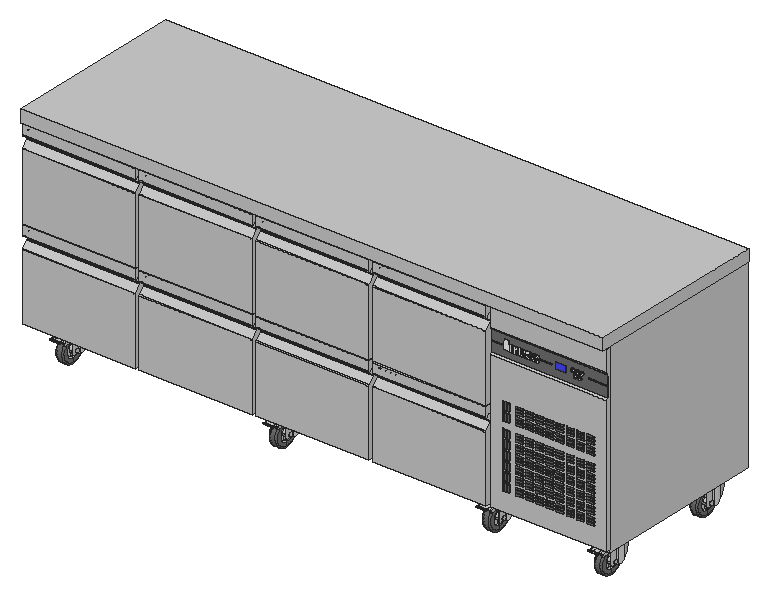
Revit family "QF_INOMAK_PNRP9999_250611031516", category Specialty Equipment, Revit 2021 (continued)
Definition of nested family "QF_INOMAK_REF_COUNTERS_DOORS_DRAWERS_6956"
  Definition of nested family "Hopper"
    Automatic sketch dimensions
      Extrusion 2 sketch curve to plane 5 "Front" = 565 mm
      curve 1 to plane 10 "Left panel" = 0 mm
      curve 2 to plane 11 "Right panel" = 0 mm
      curve 6 to plane 5 "Front" = 0 mm
      curve 5 to plane 5 "Front" = 0 mm
      curve 4 to plane 5 "Front" = 525 mm
      curve 3 to curve 3 = 40 mm
      plane 11 "Right panel" to curve 5 = 30 mm
      curve 6 to plane 10 "Left panel" = 30 mm
Definition of nested family "QF_INOMAK_REF_COUNTERS_DOORS_DRAWERS_16448"
  Parameters (values of type "DR-LX-710")
    Weight [instance] = 0.00 kg
    Warranty Start Date [instance] = ""
    Warranty Duration [instance] = ""
    URL Cutsheet [instance] = ""
    URL = "www.inomak.com"
    Top inset [instance] = 10 mm
    Technical Documentation [instance] = ""
    Tag Number [instance] = ""
    Status [instance] = ""
    Specification by User [instance] = ""
    Specification by Manufacturer [instance] = ""
    Sound Level [instance] = ""
    Solid Fuel Type [instance] = ""
    Show Logo [instance] = yes
    Show Clearances [instance] = yes
    Service Life Duration [instance] = ""
    Serial Number [instance] = ""
    Seismic Rating [instance] = ""
    SMACNA No [instance] = ""
    Right panel thickness [instance] = 0 mm
    Revision Code [instance] = ""
    Revision [instance] = ""
    Rear inset [instance] = 0 mm
    Production Year [instance] = ""
    Point Load [instance] = 0
    Plinth height [instance] = 0 mm
    Other Equipment Approvals [instance] = ""
    NAFEM Spec ID Number [instance] = ""
    Model Warning [instance] = ""
    Model = "DR-LX-710"
    Masterspec [instance] = ""
    Manufacturer = "INOMAK"
    Length Actual [instance] = 435 mm
    Left panel thickness [instance] = 0 mm
    Item Number [instance] = ""
    Installed By [instance] = ""
    Installation Date [instance] = ""
    Identify Quantity as Lot [instance] = yes
    ID [instance] = ""
    Hygiene Approval [instance] = ""
    Height Actual [instance] = 710 mm
    Furnished By [instance] = ""
    Front inset [instance] = 10 mm
    Foodservice Equipment Identifier [instance] = yes
    Finish [instance] = none
    ETL Approved [instance] = yes
    Doors drawers type [instance] = 8
    Description = "LEFT HINGED DOOR"
    Depth Actual [instance] = 700 mm
    Default Elevation = 0 mm
    CSI MasterFormat [instance] = ""
    CE Approved [instance] = yes
    Bottom inset [instance] = 10 mm
    Barcode [instance] = ""
    Author [instance] = ""
    Asset Identifier [instance] = ""
    Assembly Code = "E1090320"
    Accessory [instance] = yes
  Types (9, lengths in mm): name | Model | Height Actual | Doors drawers type | Description
    DW-2-710 | "DW-2-710" | 710 | 4 | "2 X GN 1/2 DRAWERS"
    DR-LX-710 | "DR-LX-710" | 710 | 8 | "LEFT HINGED DOOR"
    DR-RX-710 | "DR-RX-710" | 710 | 9 | "RIGHT HINGED DOOR"
    DW-3-710 | "DW-3-710" | 710 | 6 | "3 X GN 1/3 DRAWERS"
    DW-B-710 | "DW-B-710" | 710 | 5 | "1 X GN 1/3 & 1 X GN 2/3 DRAWERS"
    DW-2-483 | "DW-2-483" | 483 | 4 | "2 X GN 1/3 DRAWERS"
    DR-LX-483 | "DR-LX-483" | 483 | 8 | "LEFT HINGED DOOR"
    DR-RX-483 | "DR-RX-483" | 483 | 9 | "RIGHT HINGED DOOR"
    DW-1-483 | "DW-1-483" | 483 | 10 | "1 X GN 2/3 DRAWER"
  Reference planes
    plane 1 "Front": y = 0
    plane 2: z = 0
    plane 3 "Left": x = 0
    plane 4 "Right": x = 435
    plane 5 "Back": y = 700
    plane 6 "Top": z = 710
    plane 7 "Bottom shelf": z = 0
    plane 8: z = 700
    plane 9: z = 10
    plane 10: x = 0
    plane 11: x = 435
    plane 12 "Center Top Bottom": z = 355
  Lines and regions (mm)
    reference lines
      curve 1: line (0, 0, 355) -> (0, 25, 355)
      curve 2: line (435, 0, 355) -> (435, 25, 355)
      curve 3: line (0, 700, 355) -> (435, 700, 355)
      curve 4: line (0, 0, 355) -> (435, 0, 355)
  Dimensions and locks
    "Length Actual": plane 3 "Left" to plane 4 "Right"
    "Depth Actual": plane 1 "Front" to plane 5 "Back"
    "Height Actual": plane 6 "Top" to plane 7 "Bottom shelf"
    "Plinth height": plane 7 "Bottom shelf" to plane 2
    "Top inset": plane 6 "Top" to plane 8
    "Bottom inset": plane 9 to plane 7 "Bottom shelf"
    "Left panel thickness": plane 3 "Left" to plane 10
    "Right panel thickness": plane 11 to plane 4 "Right"
    equal spacing: plane 6 "Top", plane 12 "Center Top Bottom", plane 7 "Bottom shelf"
    "Length Actual": curve 1 to plane 4 "Right"
    "Length Actual": plane 3 "Left" to curve 2
    "Depth Actual": plane 1 "Front" to curve 3
    "Depth Actual": plane 5 "Back" to curve 4
    aligned and locked: level to plane 2
    aligned and locked: plane 3 "Left" to nested 1
    aligned and locked: plane 3 "Left" to nested 2
    aligned and locked: plane 3 "Left" to nested 3
    aligned and locked: plane 3 "Left" to nested 4
    aligned and locked: plane 3 "Left" to nested 5
    aligned and locked: plane 3 "Left" to nested 6
    aligned and locked: plane 3 "Left" to nested 7
    aligned and locked: plane 3 "Left" to nested 8
    aligned and locked: plane 3 "Left" to nested 9
    aligned and locked: nested 4 to plane 1 "Front"
    aligned and locked: nested 6 to plane 1 "Front"
    aligned and locked: nested 8 to plane 1 "Front"
    aligned and locked: nested 5 to plane 1 "Front"
    aligned and locked: nested 3 to plane 1 "Front"
    aligned and locked: nested 7 to plane 1 "Front"
    aligned and locked: nested 2 to plane 1 "Front"
    aligned and locked: nested 1 to plane 1 "Front"
    aligned and locked: nested 9 to plane 1 "Front"
  Automatic sketch dimensions
    curve 3 to plane 4 "Right" = 0 mm
    curve 3 to plane 3 "Left" = 0 mm
    curve 2 to curve 2 = 25 mm
    curve 1 to curve 1 = 25 mm
  Nested families
    nested 1: "Right_Door" at (0, 700, 0), Depth Actual <- "Depth Actual", Height Actual <- "Height Actual", Length Actual <- "Length Actual", Front inset <- "Front inset", Rear inset <- "Rear inset", Left panel thickness <- "Left panel thickness", Right panel thickness <- "Right panel thickness", Doors drawers type <- "Doors drawers type", Plinth height <- "Plinth height", Top inset <- "Top inset", Bottom inset <- "Bottom inset", type "Right door"
      with Top inset 10 mm, Right panel thickness 0 mm, Right hand hinged door no, Rear inset 0 mm, Plinth height 0 mm, Length Actual 435 mm, Left panel thickness 0 mm, Height Actual 710 mm, Front inset 10 mm, Doors drawers type 8, Depth Actual 700 mm, Bottom inset 10 mm
    nested 2: "Left_Door" at (0, 700, 0), Depth Actual <- "Depth Actual", Height Actual <- "Height Actual", Length Actual <- "Length Actual", Front inset <- "Front inset", Rear inset <- "Rear inset", Left panel thickness <- "Left panel thickness", Right panel thickness <- "Right panel thickness", Doors drawers type <- "Doors drawers type", Plinth height <- "Plinth height", Top inset <- "Top inset", Bottom inset <- "Bottom inset", type "Left door"
      with Top inset 10 mm, Right panel thickness 0 mm, Rear inset 0 mm, Plinth height 0 mm, Length Actual 435 mm, Left panel thickness 0 mm, Left hand hinged door yes, Height Actual 710 mm, Front inset 10 mm, Doors drawers type 8, Depth Actual 700 mm, Bottom inset 10 mm
    nested 3: "3_Drawers_1-3" at (0, 700, 0), Depth Actual <- "Depth Actual", Height Actual <- "Height Actual", Length Actual <- "Length Actual", Front inset <- "Front inset", Rear inset <- "Rear inset", Left panel thickness <- "Left panel thickness", Right panel thickness <- "Right panel thickness", Doors drawers type <- "Doors drawers type", Plinth height <- "Plinth height", Top inset <- "Top inset", Bottom inset <- "Bottom inset", type "3 Drawers 1-3"
      with Top inset 10 mm, Right panel thickness 0 mm, Rear inset 0 mm, Plinth height 0 mm, Length Actual 435 mm, Left panel thickness 0 mm, Height Actual 710 mm, Front inset 10 mm, Doors drawers type 8, Depth Actual 700 mm, Bottom inset 10 mm, 3 Drawers no
    nested 4: "2_Drawers_1-2" at (0, 700, 0), Depth Actual <- "Depth Actual", Height Actual <- "Height Actual", Length Actual <- "Length Actual", Front inset <- "Front inset", Rear inset <- "Rear inset", Left panel thickness <- "Left panel thickness", Right panel thickness <- "Right panel thickness", Doors drawers type <- "Doors drawers type", Plinth height <- "Plinth height", Top inset <- "Top inset", Bottom inset <- "Bottom inset", type "2 Drawers 1-2"
      with Top inset 10 mm, Right panel thickness 0 mm, Rear inset 0 mm, Plinth height 0 mm, Length Actual 435 mm, Left panel thickness 0 mm, Height Actual 710 mm, Front inset 10 mm, Doors drawers type 8, Depth Actual 700 mm, Bottom inset 10 mm, 2 Drawers no
    nested 5: "2_Drawers_1-3_2-3" at (0, 700, 0), Depth Actual <- "Depth Actual", Height Actual <- "Height Actual", Length Actual <- "Length Actual", Front inset <- "Front inset", Rear inset <- "Rear inset", Left panel thickness <- "Left panel thickness", Right panel thickness <- "Right panel thickness", Doors drawers type <- "Doors drawers type", Plinth height <- "Plinth height", Top inset <- "Top inset", Bottom inset <- "Bottom inset", type "2 Drawers 1-3 and 2-3"
      with Top inset 10 mm, Right panel thickness 0 mm, Rear inset 0 mm, Plinth height 0 mm, Length Actual 435 mm, Left panel thickness 0 mm, Height Actual 710 mm, Front inset 10 mm, Doors drawers type 8, Depth Actual 700 mm, Bottom inset 10 mm, 2 Drawers 1-3 and 2-3 no
    nested 6: "Sliding_Doors" at (0, 700, 0), Depth Actual <- "Depth Actual", Height Actual <- "Height Actual", Length Actual <- "Length Actual", Front inset <- "Front inset", Rear inset <- "Rear inset", Left panel thickness <- "Left panel thickness", Right panel thickness <- "Right panel thickness", Doors drawers type <- "Doors drawers type", Plinth height <- "Plinth height", Top inset <- "Top inset", Bottom inset <- "Bottom inset", Finish <- "Finish", type "Sliding doors"
      with Top inset 10 mm, Sliding doors no, Right panel thickness 0 mm, Rear inset 0 mm, Plinth height 0 mm, Length Actual 435 mm, Left panel thickness 0 mm, Height Actual 710 mm, Front inset 10 mm, Finish none, Doors drawers type 8, Depth Actual 700 mm, Bottom inset 10 mm
    nested 7: "4_Drawers_1-4" at (0, 700, 0), Depth Actual <- "Depth Actual", Height Actual <- "Height Actual", Length Actual <- "Length Actual", Front inset <- "Front inset", Rear inset <- "Rear inset", Left panel thickness <- "Left panel thickness", Right panel thickness <- "Right panel thickness", Doors drawers type <- "Doors drawers type", Plinth height <- "Plinth height", Top inset <- "Top inset", Bottom inset <- "Bottom inset", Finish <- "Finish", type "4 Drawers 1-4"
      with Top inset 10 mm, Right panel thickness 0 mm, Rear inset 0 mm, Plinth height 0 mm, Length Actual 435 mm, Left panel thickness 0 mm, Height Actual 710 mm, Front inset 10 mm, Finish none, Doors drawers type 8, Depth Actual 700 mm, Bottom inset 10 mm, 4 Drawers no
    nested 8: "Hinged_Doors" at (0, 700, 0), Length Actual <- "Length Actual", Depth Actual <- "Depth Actual", Height Actual <- "Height Actual", Front inset <- "Front inset", Rear inset <- "Rear inset", Left panel thickness <- "Left panel thickness", Right panel thickness <- "Right panel thickness", Doors drawers type <- "Doors drawers type", Plinth height <- "Plinth height", Top inset <- "Top inset", Bottom inset <- "Bottom inset", Finish <- "Finish", type "Hinged doors"
      with Top inset 10 mm, Right panel thickness 0 mm, Rear inset 0 mm, Plinth height 0 mm, Length Actual 435 mm, Left panel thickness 0 mm, Hinged doors no, Height Actual 710 mm, Front inset 10 mm, Finish none, Doors drawers type 8, Depth Actual 700 mm, Bottom inset 10 mm
    nested 9: "Hopper" at (0, 700, 1.284), Length Actual <- "Length Actual", Depth Actual <- "Depth Actual", Height Actual <- "Height Actual", Front inset <- "Front inset", Rear inset <- "Rear inset", Left panel thickness <- "Left panel thickness", Right panel thickness <- "Right panel thickness", Doors drawers type <- "Doors drawers type", Plinth height <- "Plinth height", Top inset <- "Top inset", Bottom inset <- "Bottom inset", Finish <- "Finish", type "Hopper"
      with Top inset 10 mm, Right panel thickness 0 mm, Rear inset 0 mm, Plinth height 0 mm, Length Actual 435 mm, Left panel thickness 0 mm, Hopper no, Height Actual 710 mm, Front inset 10 mm, Finish none, Doors drawers type 8, Depth Actual 700 mm, Bottom inset 10 mm
  Definition of nested family "Left_Door"
    Parameters (values of type "Left door")
      URL = "www.specifiglobal.com"
      Top inset [instance] = 10 mm
      Right panel thickness [instance] = 0 mm
      Rear inset [instance] = 0 mm
      Plinth height [instance] = 150 mm
      Model = ""
      Manufacturer = "DEMO CONSULTANT"
      Length Actual [instance] = 700 mm
      Left panel thickness [instance] = 0 mm
      Left hand hinged door [instance] = Doors drawers type = 8  # yes
      Height Actual [instance] = 710 mm
      Front inset [instance] = 10 mm
      Finish = none
      Doors drawers type [instance] = 8
      Description = ""
      Depth Actual [instance] = 700 mm
      Default Elevation = 0 mm
      Bottom inset [instance] = 0 mm
      Assembly Code = "E1090320"
    Reference planes
      plane 1 "Back": y = 0
      plane 2: z = 0
      plane 3 "Left": x = 0
      plane 4 "Right": x = 700
      plane 5 "Front": y = -700
      plane 6 "Top": z = 860
      plane 7 "Front legs": y = -690
      plane 8 "Legs top": z = 150
      plane 9 "Backsplash thickness": y = 0
      plane 10 "Left panel": x = 0
      plane 11 "Right panel": x = 700
      plane 12: z = 850
      plane 13: z = 150
    Forms (mm)
      Extrusion 1, solid, material <- "Finish", visible <- "Left hand hinged door"
        sketch origin (0, 0, 0) x (0, -1, 0) y (0, 0, 1)
          loop
            line (690, 150) -> (690, 764.365)
            arc (690, 764.365) -> (689.866, 765.037) -> (689.485, 765.607) r 1.757
            line (689.485, 765.607) -> (666.663, 788.429)
            arc (666.663, 788.429) -> (665.976, 789.458) -> (665.734, 790.672) r 3.172
            line (665.734, 790.672) -> (665.734, 817.576)
            arc (665.734, 817.576) -> (666.433, 819.262) -> (668.119, 819.961) r 2.385
            line (668.119, 819.961) -> (680.029, 819.961) -> (686.544, 810.657)
            arc (686.544, 810.657) -> (688.671, 809.935) -> (690, 811.747) r 1.9
            line (690, 811.747) -> (690, 850) -> (648, 850) -> (648, 150) -> (690, 150)
        from 0 to -700
      Extrusion 2, solid, visible <- "Left hand hinged door", detail levels coarse
        sketch origin (0, -700, 150) x (-1, 0, 0) y (0, 1, 0)
          loop
            arc (-700, 10) -> (-495.871, -481.066) -> (0, -673.23) r 677.11
            line (0, -673.23) -> (0, 10) -> (-700, 10)
        from 0 to -700
    Lines and regions (mm)
      symbolic lines, visible <- "Left hand hinged door"
        curve 1: line (0, -700, 150) -> (0, -1373.247, 150)
        curve 2: arc (0, -1373.247, 150) -> (492.316, -1184.595, 150) -> (700, -700, 150) r 676.963
    Dimensions and locks
      "Length Actual": plane 3 "Left" to plane 4 "Right"
      "Depth Actual": plane 5 "Front" to plane 1 "Back"
      "Height Actual": plane 6 "Top" to plane 8 "Legs top"
      "Front inset": plane 7 "Front legs" to plane 5 "Front"
      "Plinth height": plane 8 "Legs top" to plane 2
      "Rear inset": plane 9 "Backsplash thickness" to plane 1 "Back"
      "Right panel thickness": plane 11 "Right panel" to plane 4 "Right"
      "Left panel thickness": plane 3 "Left" to plane 10 "Left panel"
      "Top inset": plane 6 "Top" to plane 12
      "Bottom inset": plane 13 to plane 8 "Legs top"
      aligned and locked: level to plane 2
      aligned and locked: Extrusion 1 to plane 11 "Right panel"
      aligned and locked: plane 10 "Left panel" to Extrusion 2 sketch curve
      aligned and locked: plane 11 "Right panel" to Extrusion 2 sketch curve
      aligned and locked: Extrusion 2 sketch curve to plane 10 "Left panel"
      aligned and locked: plane 7 "Front legs" to Extrusion 2 sketch curve
      aligned and locked: plane 7 "Front legs" to Extrusion 2
      aligned and locked: plane 10 "Left panel" to Extrusion 2
      aligned and locked: Extrusion 2 to plane 12
      aligned and locked: Extrusion 1 sketch curve to plane 13
      aligned and locked: Extrusion 1 sketch curve to plane 7 "Front legs"
      aligned and locked: Extrusion 1 sketch curve to plane 12
    Automatic sketch dimensions
      Extrusion 1 sketch curve to Extrusion 1 sketch curve = 1.556 mm
      Extrusion 1 sketch curve to Extrusion 1 sketch curve = 11.91 mm
      Extrusion 1 sketch curve to Extrusion 1 sketch curve = 2.243 mm
      Extrusion 1 sketch curve to Extrusion 1 sketch curve = 2.385 mm
      Extrusion 1 sketch curve to Extrusion 1 sketch curve = 20.119 mm
      Extrusion 1 sketch curve to Extrusion 1 sketch curve = 22.822 mm
      Extrusion 1 sketch curve to Extrusion 1 sketch curve = 19.985 mm
      Extrusion 1 sketch curve to Extrusion 1 sketch curve = 6.919 mm
      Extrusion 1 sketch curve to Extrusion 1 sketch curve = 30.039 mm
      plane 7 "Front legs" to Extrusion 1 sketch curve = 42 mm
      Extrusion 1 sketch curve to Extrusion 1 sketch curve = 0.929 mm
      Extrusion 1 sketch curve to Extrusion 1 sketch curve = 6.515 mm
      Extrusion 1 sketch curve to Extrusion 1 sketch curve = 1.242 mm
      Extrusion 1 sketch curve to Extrusion 1 sketch curve = 1.9 mm
      Extrusion 1 sketch curve to Extrusion 1 sketch curve = 0.515 mm
      plane 5 "Front" to Extrusion 2 sketch curve = 3.492 mm
      plane 3 "Left" to Extrusion 2 sketch curve = 22.921 mm
      curve 1 to plane 3 "Left" = 0 mm
      curve 2 to plane 4 "Right" = 0 mm
      curve 2 to plane 5 "Front" = 0 mm
      curve 1 to plane 5 "Front" = 0 mm
      plane 5 "Front" to curve 2 = 3.324 mm
      plane 3 "Left" to curve 2 = 23.045 mm
  Definition of nested family "Right_Door"
    Parameters (values of type "Right door")
      URL = "www.specifiglobal.com"
      Top inset [instance] = 4 mm
      Right panel thickness [instance] = 35 mm
      Right hand hinged door [instance] = Doors drawers type = 9  # yes
      Rear inset [instance] = 10 mm
      Plinth height [instance] = 150 mm
      Model = ""
      Manufacturer = "DEMO CONSULTANT"
      Length Actual [instance] = 1700 mm
      Left panel thickness [instance] = 35 mm
      Height Actual [instance] = 900 mm
      Front inset [instance] = 10 mm
      Finish = none
      Doors drawers type [instance] = 9
      Description = ""
      Depth Actual [instance] = 700 mm
      Default Elevation = 0 mm
      Bottom inset [instance] = 4 mm
      Assembly Code = "E1090320"
    Reference planes
      plane 1 "Back": y = 0
      plane 2: z = 0
      plane 3 "Left": x = 0
      plane 4 "Right": x = 1700
      plane 5 "Front": y = -700
      plane 6 "Top": z = 1050
      plane 7 "Front legs": y = -690
      plane 8 "Legs top": z = 150
      plane 9 "Backsplash thickness": y = -10
      plane 10 "Left panel": x = 35
      plane 11 "Right panel": x = 1665
      plane 12: z = 1046
      plane 13: z = 154
    Forms (mm)
      Extrusion 1, solid, material <- "Finish", visible <- "Right hand hinged door"
        sketch origin (35, 0, 0) x (0, -1, 0) y (0, 0, 1)
          loop
            line (690, 154) -> (690, 960.365)
            arc (690, 960.365) -> (689.866, 961.037) -> (689.485, 961.607) r 1.757
            line (689.485, 961.607) -> (666.663, 984.429)
            arc (666.663, 984.429) -> (665.976, 985.458) -> (665.734, 986.672) r 3.172
            line (665.734, 986.672) -> (665.734, 1013.576)
            arc (665.734, 1013.576) -> (666.433, 1015.262) -> (668.119, 1015.961) r 2.385
            line (668.119, 1015.961) -> (680.029, 1015.961) -> (686.544, 1006.657)
            arc (686.544, 1006.657) -> (688.671, 1005.935) -> (690, 1007.747) r 1.9
            line (690, 1007.747) -> (690, 1046) -> (648, 1046) -> (648, 154) -> (690, 154)
        from 0 to -1630
      Extrusion 2, solid, visible <- "Right hand hinged door", detail levels coarse
        sketch origin (0, -700, 154) x (-1, 0, 0) y (0, 1, 0)
          loop
            line (-1665, 10) -> (-1665, -1637.12)
            arc (-1665, -1637.12) -> (-517.894, -1142.214) -> (-35, 10) r 1670.236
            line (-35, 10) -> (-1665, 10)
        from 0 to -892
    Lines and regions (mm)
      symbolic lines, visible <- "Right hand hinged door"
        curve 1: line (1665, -2337.12, 150) -> (1665, -700, 150)
        curve 2: arc (1665, -2337.12, 150) -> (521.415, -1845.762, 150) -> (35.165, -699.995, 150) r 1670.236
    Dimensions and locks
      "Length Actual": plane 3 "Left" to plane 4 "Right"
      "Depth Actual": plane 5 "Front" to plane 1 "Back"
      "Height Actual": plane 6 "Top" to plane 8 "Legs top"
      "Front inset": plane 7 "Front legs" to plane 5 "Front"
      "Plinth height": plane 8 "Legs top" to plane 2
      "Rear inset": plane 9 "Backsplash thickness" to plane 1 "Back"
      "Right panel thickness": plane 11 "Right panel" to plane 4 "Right"
      "Left panel thickness": plane 3 "Left" to plane 10 "Left panel"
      "Top inset": plane 6 "Top" to plane 12
      "Bottom inset": plane 13 to plane 8 "Legs top"
      aligned and locked: level to plane 2
      aligned and locked: Extrusion 1 to plane 11 "Right panel"
      aligned and locked: plane 10 "Left panel" to Extrusion 2 sketch curve
      aligned and locked: plane 11 "Right panel" to Extrusion 2 sketch curve
      aligned and locked: plane 7 "Front legs" to Extrusion 2
      aligned and locked: plane 7 "Front legs" to Extrusion 2 sketch curve
      aligned and locked: Extrusion 2 sketch curve to plane 11 "Right panel"
      aligned and locked: curve 1 to Extrusion 2
      aligned and locked: plane 5 "Front" to curve 1
      aligned and locked: Extrusion 2 to plane 12
      aligned and locked: Extrusion 1 sketch curve to plane 12
      aligned and locked: Extrusion 1 sketch curve to plane 7 "Front legs"
      aligned and locked: Extrusion 1 sketch curve to plane 13
      aligned and locked: curve 2 to Extrusion 2
    Automatic sketch dimensions
      Extrusion 1 sketch curve to Extrusion 1 sketch curve = 1.556 mm
      Extrusion 1 sketch curve to Extrusion 1 sketch curve = 11.91 mm
      Extrusion 1 sketch curve to Extrusion 1 sketch curve = 2.243 mm
      Extrusion 1 sketch curve to Extrusion 1 sketch curve = 2.385 mm
      Extrusion 1 sketch curve to Extrusion 1 sketch curve = 20.119 mm
      Extrusion 1 sketch curve to Extrusion 1 sketch curve = 22.822 mm
      Extrusion 1 sketch curve to Extrusion 1 sketch curve = 19.985 mm
      Extrusion 1 sketch curve to Extrusion 1 sketch curve = 6.919 mm
      Extrusion 1 sketch curve to Extrusion 1 sketch curve = 30.039 mm
      plane 7 "Front legs" to Extrusion 1 sketch curve = 42 mm
      Extrusion 1 sketch curve to Extrusion 1 sketch curve = 0.929 mm
      Extrusion 1 sketch curve to Extrusion 1 sketch curve = 6.515 mm
      Extrusion 1 sketch curve to Extrusion 1 sketch curve = 1.242 mm
      Extrusion 1 sketch curve to Extrusion 1 sketch curve = 1.9 mm
      Extrusion 1 sketch curve to Extrusion 1 sketch curve = 0.515 mm
      Extrusion 2 sketch curve to plane 4 "Right" = 5.083 mm
      plane 7 "Front legs" to Extrusion 2 sketch curve = 22.635 mm
      plane 5 "Front" to curve 2 = 0.005 mm
  Definition of nested family "3_Drawers_1-3"
    Parameters (values of type "3 Drawers 1-3")
      URL = "www.specifiglobal.com"
      Top inset [instance] = 4 mm
      Right panel thickness [instance] = 35 mm
      Rear inset [instance] = 10 mm
      Plinth height [instance] = 150 mm
      Model = ""
      Manufacturer = "DEMO CONSULTANT"
      Length Actual [instance] = 1200 mm
      Left panel thickness [instance] = 35 mm
      Height Actual [instance] = 900 mm
      Front inset [instance] = 10 mm
      Finish = none
      Doors drawers type [instance] = 6
      Description = ""
      Depth Actual [instance] = 700 mm
      Default Elevation = 0 mm
      Bottom inset [instance] = 4 mm
      Assembly Code = "E1090320"
      3 Drawers [instance] = Doors drawers type = 6  # yes
    Reference planes
      plane 1 "Back": y = 0
      plane 2: z = 0
      plane 3 "Left": x = 0
      plane 4 "Right": x = 1200
      plane 5 "Front": y = -700
      plane 6 "Top": z = 1050
      plane 7 "Front legs": y = -690
      plane 8 "Legs top": z = 150
      plane 9 "Backsplash thickness": y = -10
      plane 10 "Left panel": x = 35
      plane 11 "Right panel": x = 1165
      plane 12: z = 749.333
      plane 13: z = 1046
      plane 14: z = 751.667
      plane 15: z = 747
      plane 16: z = 1048
      plane 17: z = 450.667
      plane 18: z = 453.333
      plane 19: z = 448
      plane 20: z = 154
      plane 21: z = 152
    Forms (mm)
      Extrusion 1, solid, material <- "Finish", visible <- "3 Drawers"
        sketch origin (35, 0, 0) x (0, -1, 0) y (0, 0, 1)
          loop
            line (690, 751.667) -> (690, 960.365)
            arc (690, 960.365) -> (689.866, 961.037) -> (689.485, 961.607) r 1.757
            line (689.485, 961.607) -> (666.663, 984.429)
            arc (666.663, 984.429) -> (665.976, 985.458) -> (665.734, 986.672) r 3.172
            line (665.734, 986.672) -> (665.734, 1013.576)
            arc (665.734, 1013.576) -> (666.433, 1015.262) -> (668.119, 1015.961) r 2.385
            line (668.119, 1015.961) -> (680.029, 1015.961) -> (686.544, 1006.657)
            arc (686.544, 1006.657) -> (688.671, 1005.935) -> (690, 1007.747) r 1.9
            line (690, 1007.747) -> (690, 1046) -> (648, 1046) -> (648, 751.667) -> (690, 751.667)
        from 0 to -1130
      Extrusion 2, solid, visible <- "3 Drawers", detail levels coarse
        sketch origin (0, -640.463, 751.667) x (0, 1, 0) y (-1, 0, 0)
          loop
            line (-49.537, -35) -> (-624.582, -35) -> (-624.582, -1165) -> (-49.537, -1165) -> (-49.537, -35)
        from 0 to 294.333
      Extrusion 3, solid, visible <- "3 Drawers", detail levels coarse
        sketch origin (0, -640.463, 453.333) x (0, 1, 0) y (-1, 0, 0)
          loop
            line (-49.537, -35) -> (-624.582, -35) -> (-624.582, -1165) -> (-49.537, -1165) -> (-49.537, -35)
        from 0 to 293.667
      Extrusion 4, solid, visible <- "3 Drawers", detail levels coarse
        sketch origin (0, -700, 154) x (-1, 0, 0) y (0, 1, 0)
          loop
            line (-35, 10) -> (-1165, 10) -> (-1165, -565.045) -> (-35, -565.045) -> (-35, 10)
        from 0 to -294
      Extrusion 5, solid, material <- "Finish", visible <- "3 Drawers"
        sketch origin (35, 0, -220.667) x (0, -1, 0) y (0, 0, 1)
          loop
            line (690, 674) -> (690, 882.031)
            arc (690, 882.031) -> (689.866, 882.704) -> (689.485, 883.274) r 1.757
            line (689.485, 883.274) -> (666.663, 906.096)
            arc (666.663, 906.096) -> (665.976, 907.125) -> (665.734, 908.339) r 3.172
            line (665.734, 908.339) -> (665.734, 935.243)
            arc (665.734, 935.243) -> (666.433, 936.929) -> (668.119, 937.628) r 2.385
            line (668.119, 937.628) -> (680.029, 937.628) -> (686.544, 928.324)
            arc (686.544, 928.324) -> (688.671, 927.602) -> (690, 929.414) r 1.9
            line (690, 929.414) -> (690, 967.667) -> (648, 967.667) -> (648, 674) -> (690, 674)
        from 0 to -1130
      Extrusion 6, solid, material <- "Finish", visible <- "3 Drawers"
        sketch origin (35, 0, -441.333) x (0, -1, 0) y (0, 0, 1)
          loop
            line (690, 595.333) -> (690, 800.031)
            arc (690, 800.031) -> (689.866, 800.704) -> (689.485, 801.274) r 1.757
            line (689.485, 801.274) -> (666.663, 824.096)
            arc (666.663, 824.096) -> (665.976, 825.125) -> (665.734, 826.339) r 3.172
            line (665.734, 826.339) -> (665.734, 857.243)
            arc (665.734, 857.243) -> (666.433, 858.929) -> (668.119, 859.628) r 2.385
            line (668.119, 859.628) -> (680.029, 859.628) -> (686.544, 850.324)
            arc (686.544, 850.324) -> (688.671, 849.602) -> (690, 851.414) r 1.9
            line (690, 851.414) -> (690, 889.333) -> (648, 889.333) -> (648, 595.333) -> (690, 595.333)
        from 0 to -1130
    Lines and regions (mm)
      symbolic lines, visible <- "3 Drawers"
        curve 1: line (35, -850, 900) -> (35, -890, 900)
        curve 2: line (35, -890, 900) -> (1165, -890, 900)
        curve 3: line (1165, -890, 900) -> (1165, -850, 900)
        curve 4: line (1165, -850, 900) -> (35, -850, 900)
        curve 5: line (1135, -850, 900) -> (1135, -700, 900)
        curve 6: line (65, -850, 900) -> (65, -700, 900)
        curve 7: line (35, -1040, 900) -> (35, -1080, 900)
        curve 8: line (35, -1080, 900) -> (1165, -1080, 900)
        curve 9: line (1165, -1080, 900) -> (1165, -1040, 900)
        curve 10: line (1165, -1040, 900) -> (35, -1040, 900)
        curve 11: line (1135, -1040, 900) -> (1135, -890, 900)
        curve 12: line (65, -1040, 900) -> (65, -890, 900)
        curve 13: line (35, -1225, 900) -> (35, -1265, 900)
        curve 14: line (35, -1265, 900) -> (1165, -1265, 900)
        curve 15: line (1165, -1265, 900) -> (1165, -1225, 900)
        curve 16: line (1165, -1225, 900) -> (35, -1225, 900)
        curve 17: line (1135, -1225, 900) -> (1135, -1080, 900)
        curve 18: line (65, -1225, 900) -> (65, -1080, 900)
    Dimensions and locks
      "Length Actual": plane 3 "Left" to plane 4 "Right"
      "Depth Actual": plane 5 "Front" to plane 1 "Back"
      "Height Actual": plane 6 "Top" to plane 8 "Legs top"
      "Front inset": plane 7 "Front legs" to plane 5 "Front"
      "Plinth height": plane 8 "Legs top" to plane 2
      "Rear inset": plane 9 "Backsplash thickness" to plane 1 "Back"
      "Right panel thickness": plane 11 "Right panel" to plane 4 "Right"
      "Left panel thickness": plane 3 "Left" to plane 10 "Left panel"
      plane 14 to plane 15 = 4.667 mm
      equal spacing: plane 14, plane 12, plane 15
      locked: plane 16 to plane 13 at 2
      equal spacing: plane 18, plane 17, plane 19
      plane 18 to plane 19 = 5.333 mm
      "Bottom inset": plane 20 to plane 8 "Legs top"
      equal spacing: plane 21, plane 17, plane 12, plane 16
      "Top inset": plane 13 to plane 6 "Top"
      locked: plane 21 to plane 20 at 2
      aligned and locked: level to plane 2
      aligned and locked: Extrusion 1 to plane 11 "Right panel"
      aligned and locked: plane 10 "Left panel" to curve 1
      aligned and locked: plane 10 "Left panel" to curve 7
      aligned and locked: plane 10 "Left panel" to curve 13
      aligned and locked: Extrusion 2 sketch curve to plane 10 "Left panel"
      aligned and locked: plane 11 "Right panel" to Extrusion 2 sketch curve
      aligned and locked: Extrusion 3 sketch curve to plane 10 "Left panel"
      aligned and locked: plane 11 "Right panel" to Extrusion 3 sketch curve
      aligned and locked: Extrusion 4 sketch curve to plane 10 "Left panel"
      aligned and locked: plane 11 "Right panel" to Extrusion 4 sketch curve
      aligned and locked: Extrusion 2 to plane 13
      aligned and locked: Extrusion 3 to plane 15
      aligned and locked: Extrusion 4 to plane 19
      aligned and locked: Extrusion 5 to plane 11 "Right panel"
      aligned and locked: Extrusion 6 to plane 11 "Right panel"
      aligned and locked: Extrusion 1 sketch curve to plane 13
      aligned and locked: Extrusion 1 sketch curve to plane 7 "Front legs"
      aligned and locked: plane 18 to Extrusion 5 sketch curve
      aligned and locked: Extrusion 6 sketch curve to Extrusion 4  (x2)
      aligned and locked: Extrusion 5 sketch curve to plane 15
      aligned and locked: Extrusion 4 to Extrusion 5 sketch curve
      aligned and locked: Extrusion 6 sketch curve to plane 19
      aligned and locked: Extrusion 6 sketch curve to plane 20
    Automatic sketch dimensions
      Extrusion 2 sketch curve to plane 7 "Front legs" = 0 mm
      Extrusion 2 sketch curve to plane 5 "Front" = 565.045 mm
      Extrusion 3 sketch curve to plane 7 "Front legs" = 0 mm
      Extrusion 3 sketch curve to plane 5 "Front" = 565.045 mm
      Extrusion 4 sketch curve to plane 7 "Front legs" = 0 mm
      Extrusion 4 sketch curve to plane 5 "Front" = 565.045 mm
      curve 14 to plane 11 "Right panel" = 0 mm
      curve 8 to plane 11 "Right panel" = 0 mm
      curve 3 to plane 11 "Right panel" = 0 mm
      curve 6 to plane 5 "Front" = 0 mm
      curve 5 to plane 5 "Front" = 0 mm
      curve 1 to plane 5 "Front" = 150 mm
      curve 2 to curve 3 = 40 mm
      curve 10 to curve 1 = 150 mm
      curve 9 to curve 9 = 40 mm
      curve 13 to curve 7 = 145 mm
      curve 14 to curve 13 = 40 mm
      curve 3 to curve 5 = 30 mm
      curve 15 to curve 17 = 30 mm
      curve 11 to curve 17 = 0 mm
      curve 6 to plane 10 "Left panel" = 30 mm
      curve 18 to plane 10 "Left panel" = 30 mm
      curve 12 to curve 18 = 0 mm
      Extrusion 1 sketch curve to plane 14 = 0 mm
      Extrusion 1 sketch curve to plane 7 "Front legs" = 0 mm
      plane 7 "Front legs" to Extrusion 1 sketch curve = 0.515 mm
      plane 7 "Front legs" to Extrusion 1 sketch curve = 1.757 mm
      plane 7 "Front legs" to Extrusion 1 sketch curve = 1.9 mm
      Extrusion 1 sketch curve to Extrusion 1 sketch curve = 1.556 mm
      plane 7 "Front legs" to Extrusion 1 sketch curve = 9.971 mm
      plane 7 "Front legs" to Extrusion 1 sketch curve = 21.094 mm
      Extrusion 1 sketch curve to Extrusion 1 sketch curve = 11.91 mm
      Extrusion 1 sketch curve to Extrusion 1 sketch curve = 2.243 mm
      Extrusion 1 sketch curve to Extrusion 1 sketch curve = 2.385 mm
      Extrusion 1 sketch curve to Extrusion 1 sketch curve = 20.119 mm
      plane 13 to Extrusion 1 sketch curve = 85.635 mm
      Extrusion 1 sketch curve to Extrusion 1 sketch curve = 22.822 mm
      Extrusion 1 sketch curve to Extrusion 1 sketch curve = 19.985 mm
      Extrusion 1 sketch curve to Extrusion 1 sketch curve = 6.919 mm
      plane 15 to Extrusion 5 sketch curve = 59.328 mm
      Extrusion 5 sketch curve to Extrusion 5 sketch curve = 17.734 mm
      plane 15 to Extrusion 5 sketch curve = 61.571 mm
      Extrusion 5 sketch curve to Extrusion 5 sketch curve = 0.929 mm
      Extrusion 5 sketch curve to Extrusion 5 sketch curve = 2.385 mm
      Extrusion 5 sketch curve to Extrusion 5 sketch curve = 11.91 mm
      Extrusion 5 sketch curve to Extrusion 5 sketch curve = 6.515 mm
      Extrusion 5 sketch curve to Extrusion 5 sketch curve = 1.556 mm
      Extrusion 5 sketch curve to Extrusion 5 sketch curve = 21.58 mm
      plane 15 to Extrusion 5 sketch curve = 84.393 mm
      Extrusion 5 sketch curve to Extrusion 5 sketch curve = 1.242 mm
      Extrusion 5 sketch curve to Extrusion 5 sketch curve = 1.9 mm
      Extrusion 5 sketch curve to Extrusion 5 sketch curve = 0.515 mm
      Extrusion 5 sketch curve to Extrusion 5 sketch curve = 6.919 mm
      Extrusion 5 sketch curve to Extrusion 5 sketch curve = 30.039 mm
      plane 7 "Front legs" to Extrusion 6 sketch curve = 0.515 mm
      plane 7 "Front legs" to Extrusion 6 sketch curve = 1.757 mm
      plane 7 "Front legs" to Extrusion 6 sketch curve = 1.9 mm
      Extrusion 6 sketch curve to Extrusion 6 sketch curve = 1.556 mm
      plane 7 "Front legs" to Extrusion 6 sketch curve = 9.971 mm
      plane 7 "Front legs" to Extrusion 6 sketch curve = 21.094 mm
      Extrusion 6 sketch curve to Extrusion 6 sketch curve = 11.91 mm
      Extrusion 6 sketch curve to Extrusion 6 sketch curve = 2.243 mm
      Extrusion 6 sketch curve to Extrusion 6 sketch curve = 2.385 mm
      Extrusion 6 sketch curve to Extrusion 6 sketch curve = 20.119 mm
      plane 19 to Extrusion 6 sketch curve = 89.302 mm
      Extrusion 6 sketch curve to Extrusion 6 sketch curve = 22.822 mm
      Extrusion 6 sketch curve to Extrusion 6 sketch curve = 23.985 mm
      Extrusion 6 sketch curve to Extrusion 6 sketch curve = 6.919 mm
  Definition of nested family "2_Drawers_1-2"
    Parameters (values of type "2 Drawers 1-2")
      URL = "www.specifiglobal.com"
      Top inset [instance] = 4 mm
      Right panel thickness [instance] = 35 mm
      Rear inset [instance] = 10 mm
      Plinth height [instance] = 150 mm
      Model = ""
      Manufacturer = "DEMO CONSULTANT"
      Length Actual [instance] = 1200 mm
      Left panel thickness [instance] = 35 mm
      Height Actual [instance] = 900 mm
      Front inset [instance] = 10 mm
      Finish = none
      Doors drawers type [instance] = 4
      Description = ""
      Depth Actual [instance] = 700 mm
      Default Elevation = 0 mm
      Bottom inset [instance] = 4 mm
      Assembly Code = "E1090320"
      2 Drawers [instance] = Doors drawers type = 4  # yes
    Reference planes
      plane 1 "Back": y = 0
      plane 2: z = 0
      plane 3 "Left": x = 0
      plane 4 "Right": x = 1200
      plane 5 "Front": y = -700
      plane 6 "Top": z = 1050
      plane 7 "Front legs": y = -690
      plane 8 "Legs top": z = 150
      plane 9 "Backsplash thickness": y = -10
      plane 10 "Left panel": x = 35
      plane 11 "Right panel": x = 1165
      plane 12: z = 600
      plane 13: z = 1046
      plane 14: z = 602
      plane 15: z = 598
      plane 16: z = 154
    Forms (mm)
      Extrusion 1, solid, material <- "Finish", visible <- "2 Drawers"
        sketch origin (35, 0, 0) x (0, -1, 0) y (0, 0, 1)
          loop
            line (690, 602) -> (690, 960.365)
            arc (690, 960.365) -> (689.866, 961.037) -> (689.485, 961.607) r 1.757
            line (689.485, 961.607) -> (666.663, 984.429)
            arc (666.663, 984.429) -> (665.976, 985.458) -> (665.734, 986.672) r 3.172
            line (665.734, 986.672) -> (665.734, 1013.576)
            arc (665.734, 1013.576) -> (666.433, 1015.262) -> (668.119, 1015.961) r 2.385
            line (668.119, 1015.961) -> (680.029, 1015.961) -> (686.544, 1006.657)
            arc (686.544, 1006.657) -> (688.671, 1005.935) -> (690, 1007.747) r 1.9
            line (690, 1007.747) -> (690, 1046) -> (648, 1046) -> (648, 602) -> (690, 602)
        from 0 to -1130
      Extrusion 2, solid, visible <- "2 Drawers", detail levels coarse
        sketch origin (0, -640.463, 602) x (0, 1, 0) y (-1, 0, 0)
          loop
            line (-49.537, -35) -> (-624.537, -35) -> (-624.537, -1165) -> (-49.537, -1165) -> (-49.537, -35)
        from 0 to 444
      Extrusion 3, solid, visible <- "2 Drawers", detail levels coarse
        sketch origin (0, -700, 154) x (-1, 0, 0) y (0, 1, 0)
          loop
            line (-35, 10) -> (-1165, 10) -> (-1165, -565) -> (-35, -565) -> (-35, 10)
        from 0 to -444
      Extrusion 4, solid, material <- "Finish", visible <- "2 Drawers"
        sketch origin (35, 0, -441.333) x (0, -1, 0) y (0, 0, 1)
          loop
            line (690, 595.333) -> (690, 953.698)
            arc (690, 953.698) -> (689.866, 954.37) -> (689.485, 954.94) r 1.757
            line (689.485, 954.94) -> (666.663, 977.763)
            arc (666.663, 977.763) -> (665.976, 978.792) -> (665.734, 980.006) r 3.172
            line (665.734, 980.006) -> (665.734, 1006.909)
            arc (665.734, 1006.909) -> (666.433, 1008.596) -> (668.119, 1009.294) r 2.385
            line (668.119, 1009.294) -> (680.029, 1009.294) -> (686.544, 999.991)
            arc (686.544, 999.991) -> (688.671, 999.268) -> (690, 1001.08) r 1.9
            line (690, 1001.08) -> (690, 1039.333) -> (648, 1039.333) -> (648, 595.333) -> (690, 595.333)
        from 0 to -1130
    Lines and regions (mm)
      symbolic lines, visible <- "2 Drawers"
        curve 1: line (35, -940, 900) -> (35, -980, 900)
        curve 2: line (35, -980, 900) -> (1165, -980, 900)
        curve 3: line (1165, -980, 900) -> (1165, -940, 900)
        curve 4: line (1165, -940, 900) -> (35, -940, 900)
        curve 5: line (1135, -940, 900) -> (1135, -700, 900)
        curve 6: line (65, -940, 900) -> (65, -700, 900)
        curve 7: line (35, -1225, 900) -> (35, -1265, 900)
        curve 8: line (35, -1265, 900) -> (1165, -1265, 900)
        curve 9: line (1165, -1265, 900) -> (1165, -1225, 900)
        curve 10: line (1165, -1225, 900) -> (35, -1225, 900)
        curve 11: line (1135, -1225, 900) -> (1135, -980, 900)
        curve 12: line (65, -1225, 900) -> (65, -980, 900)
    Dimensions and locks
      "Length Actual": plane 3 "Left" to plane 4 "Right"
      "Depth Actual": plane 5 "Front" to plane 1 "Back"
      "Height Actual": plane 6 "Top" to plane 8 "Legs top"
      "Front inset": plane 7 "Front legs" to plane 5 "Front"
      "Plinth height": plane 8 "Legs top" to plane 2
      "Rear inset": plane 9 "Backsplash thickness" to plane 1 "Back"
      "Right panel thickness": plane 11 "Right panel" to plane 4 "Right"
      "Left panel thickness": plane 3 "Left" to plane 10 "Left panel"
      "Top inset": plane 6 "Top" to plane 13
      "Bottom inset": plane 16 to plane 8 "Legs top"
      equal spacing: plane 16, plane 12, plane 13
      locked: plane 14 to plane 12 at 2
      locked: plane 15 to plane 12 at 2
      aligned and locked: level to plane 2
      aligned and locked: Extrusion 1 to plane 11 "Right panel"
      aligned and locked: plane 10 "Left panel" to curve 1
      aligned and locked: plane 10 "Left panel" to curve 7
      aligned and locked: Extrusion 2 sketch curve to plane 10 "Left panel"
      aligned and locked: plane 11 "Right panel" to Extrusion 2 sketch curve
      aligned and locked: Extrusion 3 sketch curve to plane 10 "Left panel"
      aligned and locked: plane 11 "Right panel" to Extrusion 3 sketch curve
      aligned and locked: Extrusion 2 to plane 13
      aligned and locked: Extrusion 4 to plane 11 "Right panel"
      aligned and locked: Extrusion 3 to plane 15
      aligned and locked: Extrusion 1 sketch curve to plane 13
      aligned and locked: Extrusion 1 sketch curve to plane 7 "Front legs"
      aligned and locked: plane 14 to Extrusion 1 sketch curve
      aligned and locked: Extrusion 4 sketch curve to plane 15
      aligned and locked: Extrusion 4 sketch curve to plane 7 "Front legs"
      aligned and locked: Extrusion 4 sketch curve to plane 16
    Automatic sketch dimensions
      Extrusion 2 sketch curve to plane 7 "Front legs" = 0 mm
      Extrusion 2 sketch curve to plane 5 "Front" = 565 mm
      Extrusion 3 sketch curve to plane 7 "Front legs" = 0 mm
      Extrusion 3 sketch curve to plane 5 "Front" = 565 mm
      curve 9 to plane 11 "Right panel" = 0 mm
      curve 2 to plane 11 "Right panel" = 0 mm
      curve 5 to plane 5 "Front" = 0 mm
      curve 6 to plane 5 "Front" = 0 mm
      curve 1 to plane 5 "Front" = 240 mm
      curve 3 to curve 3 = 40 mm
      curve 7 to curve 1 = 245 mm
      curve 8 to curve 9 = 40 mm
      plane 11 "Right panel" to curve 5 = 30 mm
      curve 2 to curve 11 = 30 mm
      curve 6 to plane 10 "Left panel" = 30 mm
      curve 12 to plane 10 "Left panel" = 30 mm
      Extrusion 1 sketch curve to Extrusion 1 sketch curve = 17.734 mm
      Extrusion 1 sketch curve to Extrusion 1 sketch curve = 0.929 mm
      Extrusion 1 sketch curve to Extrusion 1 sketch curve = 2.385 mm
      Extrusion 1 sketch curve to Extrusion 1 sketch curve = 3.172 mm
      Extrusion 1 sketch curve to Extrusion 1 sketch curve = 11.91 mm
      Extrusion 1 sketch curve to Extrusion 1 sketch curve = 6.515 mm
      Extrusion 1 sketch curve to Extrusion 1 sketch curve = 1.556 mm
      Extrusion 1 sketch curve to Extrusion 1 sketch curve = 21.58 mm
      Extrusion 1 sketch curve to Extrusion 1 sketch curve = 1.242 mm
      Extrusion 1 sketch curve to Extrusion 1 sketch curve = 1.9 mm
      Extrusion 1 sketch curve to Extrusion 1 sketch curve = 0.515 mm
      Extrusion 1 sketch curve to Extrusion 1 sketch curve = 22.822 mm
      Extrusion 1 sketch curve to Extrusion 1 sketch curve = 19.985 mm
      Extrusion 1 sketch curve to Extrusion 1 sketch curve = 6.919 mm
      Extrusion 1 sketch curve to Extrusion 1 sketch curve = 30.039 mm
      Extrusion 4 sketch curve to plane 7 "Front legs" = 0 mm
      plane 7 "Front legs" to Extrusion 4 sketch curve = 0.515 mm
      plane 7 "Front legs" to Extrusion 4 sketch curve = 1.757 mm
      plane 7 "Front legs" to Extrusion 4 sketch curve = 1.9 mm
      Extrusion 4 sketch curve to Extrusion 4 sketch curve = 1.556 mm
      plane 7 "Front legs" to Extrusion 4 sketch curve = 9.971 mm
      plane 7 "Front legs" to Extrusion 4 sketch curve = 21.094 mm
      Extrusion 4 sketch curve to Extrusion 4 sketch curve = 11.91 mm
      Extrusion 4 sketch curve to Extrusion 4 sketch curve = 2.243 mm
      Extrusion 4 sketch curve to Extrusion 4 sketch curve = 2.385 mm
      Extrusion 4 sketch curve to Extrusion 4 sketch curve = 20.119 mm
      Extrusion 4 sketch curve to Extrusion 4 sketch curve = 22.822 mm
      Extrusion 4 sketch curve to Extrusion 4 sketch curve = 19.985 mm
      Extrusion 4 sketch curve to Extrusion 4 sketch curve = 6.919 mm
      Extrusion 4 sketch curve to Extrusion 4 sketch curve = 30.039 mm
  Definition of nested family "2_Drawers_1-3_2-3"
    Parameters (values of type "2 Drawers 1-3 and 2-3")
      URL = "www.specifiglobal.com"
      Top inset [instance] = 4 mm
      Right panel thickness [instance] = 35 mm
      Rear inset [instance] = 10 mm
      Plinth height [instance] = 150 mm
      Model = ""
      Manufacturer = "DEMO CONSULTANT"
      Length Actual [instance] = 1200 mm
      Left panel thickness [instance] = 35 mm
      Height Actual [instance] = 900 mm
      Front inset [instance] = 10 mm
      Finish = none
      Doors drawers type [instance] = 5
      Description = ""
      Depth Actual [instance] = 700 mm
      Default Elevation = 0 mm
      Bottom inset [instance] = 4 mm
      Assembly Code = "E1090320"
      2 Drawers 1-3 and 2-3 [instance] = Doors drawers type = 5  # yes
    Reference planes
      plane 1 "Back": y = 0
      plane 2: z = 0
      plane 3 "Left": x = 0
      plane 4 "Right": x = 1200
      plane 5 "Front": y = -700
      plane 6 "Top": z = 1050
      plane 7 "Front legs": y = -690
      plane 8 "Legs top": z = 150
      plane 9 "Backsplash thickness": y = -10
      plane 10 "Left panel": x = 35
      plane 11 "Right panel": x = 1165
      plane 12: z = 1046
      plane 13: z = 751.833
      plane 14: z = 746.833
      plane 15: z = 154
      plane 16: z = 450.667
      plane 17: z = 152
      plane 18: z = 1048
      plane 19: z = 749.333
    Forms (mm)
      Extrusion 1, solid, material <- "Finish", visible <- "2 Drawers 1-3 and 2-3"
        sketch origin (35, 0, 0) x (0, -1, 0) y (0, 0, 1)
          loop
            line (690, 751.833) -> (690, 960.365)
            arc (690, 960.365) -> (689.866, 961.037) -> (689.485, 961.607) r 1.757
            line (689.485, 961.607) -> (666.663, 984.429)
            arc (666.663, 984.429) -> (665.976, 985.458) -> (665.734, 986.672) r 3.172
            line (665.734, 986.672) -> (665.734, 1013.576)
            arc (665.734, 1013.576) -> (666.433, 1015.262) -> (668.119, 1015.961) r 2.385
            line (668.119, 1015.961) -> (680.029, 1015.961) -> (686.544, 1006.657)
            arc (686.544, 1006.657) -> (688.671, 1005.935) -> (690, 1007.747) r 1.9
            line (690, 1007.747) -> (690, 1046) -> (648, 1046) -> (648, 751.833) -> (690, 751.833)
        from 0 to -1130
      Extrusion 2, solid, visible <- "2 Drawers 1-3 and 2-3", detail levels coarse
        sketch origin (0, -640.463, 751.833) x (0, 1, 0) y (-1, 0, 0)
          loop
            line (-49.537, -35) -> (-624.537, -35) -> (-624.537, -1165) -> (-49.537, -1165) -> (-49.537, -35)
        from 0 to 294.167
      Extrusion 3, solid, visible <- "2 Drawers 1-3 and 2-3", detail levels coarse
        sketch origin (0, -700, 154) x (-1, 0, 0) y (0, 1, 0)
          loop
            line (-35, 10) -> (-1165, 10) -> (-1165, -565) -> (-35, -565) -> (-35, 10)
        from 0 to -592.833
      Extrusion 4, solid, material <- "Finish", visible <- "2 Drawers 1-3 and 2-3"
        sketch origin (35, 0, -441.333) x (0, -1, 0) y (0, 0, 1)
          loop
            line (690, 595.333) -> (690, 1101.698)
            arc (690, 1101.698) -> (689.866, 1102.37) -> (689.485, 1102.94) r 1.757
            line (689.485, 1102.94) -> (666.663, 1126.596)
            arc (666.663, 1126.596) -> (665.976, 1127.625) -> (665.734, 1128.839) r 3.172
            line (665.734, 1128.839) -> (665.734, 1155.743)
            arc (665.734, 1155.743) -> (666.433, 1157.429) -> (668.119, 1158.128) r 2.385
            line (668.119, 1158.128) -> (680.029, 1158.128) -> (686.544, 1148.824)
            arc (686.544, 1148.824) -> (688.671, 1148.102) -> (690, 1149.914) r 1.9
            line (690, 1149.914) -> (690, 1188.167) -> (648, 1188.167) -> (648, 595.333) -> (690, 595.333)
        from 0 to -1130
    Lines and regions (mm)
      symbolic lines, visible <- "2 Drawers 1-3 and 2-3"
        curve 1: line (35, -1000, 900) -> (35, -1040, 900)
        curve 2: line (35, -1040, 900) -> (1165, -1040, 900)
        curve 3: line (1165, -1040, 900) -> (1165, -1000, 900)
        curve 4: line (1165, -1000, 900) -> (35, -1000, 900)
        curve 5: line (1135, -1000, 900) -> (1135, -700, 900)
        curve 6: line (65, -1000, 900) -> (65, -700, 900)
        curve 7: line (35, -1225, 900) -> (35, -1265, 900)
        curve 8: line (35, -1265, 900) -> (1165, -1265, 900)
        curve 9: line (1165, -1265, 900) -> (1165, -1225, 900)
        curve 10: line (1165, -1225, 900) -> (35, -1225, 900)
        curve 11: line (1135, -1225, 900) -> (1135, -1040, 900)
        curve 12: line (65, -1225, 900) -> (65, -1040, 900)
    Dimensions and locks
      "Length Actual": plane 3 "Left" to plane 4 "Right"
      "Depth Actual": plane 5 "Front" to plane 1 "Back"
      "Height Actual": plane 6 "Top" to plane 8 "Legs top"
      "Front inset": plane 7 "Front legs" to plane 5 "Front"
      "Plinth height": plane 8 "Legs top" to plane 2
      "Rear inset": plane 9 "Backsplash thickness" to plane 1 "Back"
      "Right panel thickness": plane 11 "Right panel" to plane 4 "Right"
      "Left panel thickness": plane 3 "Left" to plane 10 "Left panel"
      "Top inset": plane 6 "Top" to plane 12
      locked: plane 13 to plane 14 at 5
      "Bottom inset": plane 15 to plane 8 "Legs top"
      equal spacing: plane 17, plane 16, plane 19, plane 18
      equal spacing: plane 12, plane 18, plane 6 "Top"
      equal spacing: plane 14, plane 19, plane 13
      equal spacing: plane 15, plane 17, plane 8 "Legs top"
      aligned and locked: level to plane 2
      aligned and locked: Extrusion 1 to plane 11 "Right panel"
      aligned and locked: plane 10 "Left panel" to curve 1
      aligned and locked: plane 10 "Left panel" to curve 7
      aligned and locked: Extrusion 2 sketch curve to plane 10 "Left panel"
      aligned and locked: plane 11 "Right panel" to Extrusion 2 sketch curve
      aligned and locked: Extrusion 3 sketch curve to plane 10 "Left panel"
      aligned and locked: plane 11 "Right panel" to Extrusion 3 sketch curve
      aligned and locked: Extrusion 2 to plane 12
      aligned and locked: Extrusion 4 to plane 11 "Right panel"
      aligned and locked: Extrusion 3 to plane 14
      aligned and locked: plane 13 to Extrusion 1 sketch curve
      aligned and locked: Extrusion 2 to Extrusion 1 sketch curve
      aligned and locked: Extrusion 3 to Extrusion 4 sketch curve
      aligned and locked: Extrusion 4 sketch curve to Extrusion 3  (x2)
      aligned and locked: Extrusion 1 sketch curve to plane 7 "Front legs"
    Automatic sketch dimensions
      Extrusion 2 sketch curve to plane 7 "Front legs" = 0 mm
      Extrusion 2 sketch curve to plane 5 "Front" = 565 mm
      Extrusion 3 sketch curve to plane 7 "Front legs" = 0 mm
      Extrusion 3 sketch curve to plane 5 "Front" = 565 mm
      curve 9 to plane 11 "Right panel" = 0 mm
      curve 2 to plane 11 "Right panel" = 0 mm
      curve 5 to plane 5 "Front" = 0 mm
      curve 6 to plane 5 "Front" = 0 mm
      curve 1 to plane 5 "Front" = 300 mm
      curve 3 to curve 3 = 40 mm
      curve 7 to curve 1 = 185 mm
      curve 8 to curve 9 = 40 mm
      plane 11 "Right panel" to curve 5 = 30 mm
      curve 11 to curve 5 = 0 mm
      curve 6 to plane 10 "Left panel" = 30 mm
      curve 12 to curve 6 = 0 mm
      Extrusion 1 sketch curve to plane 7 "Front legs" = 0 mm
      plane 7 "Front legs" to Extrusion 1 sketch curve = 0.515 mm
      plane 7 "Front legs" to Extrusion 1 sketch curve = 1.757 mm
      plane 7 "Front legs" to Extrusion 1 sketch curve = 1.9 mm
      Extrusion 1 sketch curve to Extrusion 1 sketch curve = 1.556 mm
      plane 7 "Front legs" to Extrusion 1 sketch curve = 9.971 mm
      plane 7 "Front legs" to Extrusion 1 sketch curve = 21.094 mm
      Extrusion 1 sketch curve to Extrusion 1 sketch curve = 11.91 mm
      Extrusion 1 sketch curve to Extrusion 1 sketch curve = 2.243 mm
      Extrusion 1 sketch curve to Extrusion 1 sketch curve = 2.385 mm
      Extrusion 1 sketch curve to Extrusion 1 sketch curve = 20.119 mm
      plane 12 to Extrusion 1 sketch curve = 85.635 mm
      Extrusion 1 sketch curve to Extrusion 1 sketch curve = 22.822 mm
      Extrusion 1 sketch curve to Extrusion 1 sketch curve = 19.985 mm
      Extrusion 1 sketch curve to Extrusion 1 sketch curve = 6.919 mm
      plane 12 to Extrusion 1 sketch curve = 0 mm
      Extrusion 4 sketch curve to plane 7 "Front legs" = 0 mm
      plane 7 "Front legs" to Extrusion 4 sketch curve = 0.515 mm
      plane 7 "Front legs" to Extrusion 4 sketch curve = 1.9 mm
      Extrusion 4 sketch curve to Extrusion 4 sketch curve = 1.556 mm
      plane 7 "Front legs" to Extrusion 4 sketch curve = 9.971 mm
      plane 7 "Front legs" to Extrusion 4 sketch curve = 21.094 mm
      Extrusion 4 sketch curve to Extrusion 4 sketch curve = 11.91 mm
      Extrusion 4 sketch curve to Extrusion 4 sketch curve = 2.243 mm
      Extrusion 4 sketch curve to Extrusion 4 sketch curve = 2.385 mm
      Extrusion 4 sketch curve to Extrusion 4 sketch curve = 20.119 mm
      Extrusion 4 sketch curve to Extrusion 4 sketch curve = 86.469 mm
      Extrusion 4 sketch curve to Extrusion 4 sketch curve = 23.656 mm
      Extrusion 4 sketch curve to Extrusion 4 sketch curve = 19.985 mm
      Extrusion 4 sketch curve to Extrusion 4 sketch curve = 6.919 mm
      plane 7 "Front legs" to Extrusion 4 sketch curve = 1.757 mm
  Definition of nested family "Sliding_Doors"
    Parameters (values of type "Sliding doors")
      URL = "www.specifiglobal.com"
      Top inset [instance] = 4 mm
      Sliding doors [instance] = Doors drawers type = 2  # yes
      Right panel thickness [instance] = 35 mm
      Rear inset [instance] = 10 mm
      Plinth height [instance] = 150 mm
      Model = ""
      Manufacturer = "DEMO CONSULTANT"
      Length Actual [instance] = 1200 mm
      Left panel thickness [instance] = 35 mm
      Height Actual [instance] = 900 mm
      Front inset [instance] = 10 mm
      Finish [instance] = none
      Doors drawers type [instance] = 2
      Description = ""
      Depth Actual [instance] = 700 mm
      Default Elevation = 0 mm
      Bottom inset [instance] = 4 mm
      Assembly Code = "E1090320"
    Reference planes
      plane 1 "Back": y = 0
      plane 2: z = 0
      plane 3 "Left": x = 0
      plane 4 "Right": x = 1200
      plane 5 "Front": y = -700
      plane 6 "Top": z = 1050
      plane 7 "Front legs": y = -690
      plane 8 "Legs top": z = 150
      plane 9 "Backsplash thickness": y = -10
      plane 10: x = 35
      plane 11: x = 1165
      plane 12 "Center Left-Right": x = 600
      plane 13: z = 154
      plane 14: z = 1046
    Forms (mm)
      Extrusion 1, solid, material <- "Finish", visible <- "Sliding doors"
        sketch origin (0, -690, 154) x (-1, 0, 0) y (0, 1, 0)
          loop
            line (-35, 10) -> (-35, 20) -> (-620, 20) -> (-620, 0) -> (-91.156, 0)
            arc (-91.156, 0) -> (-85.272, 0.885) -> (-79.91, 3.461) r 20
            line (-79.91, 3.461) -> (-60, 17) -> (-38, 17) -> (-38, 10)
            arc (-38, 10) -> (-40.05, 5.05) -> (-45, 3) r 7
            line (-45, 3) -> (-50.012, 3) -> (-50.012, 0) -> (-45, 0)
            arc (-45, 0) -> (-37.929, 2.929) -> (-35, 10) r 10
        from 0 to -892
      Extrusion 2, solid, material <- "Finish", visible <- "Sliding doors"
        sketch origin (0, -689, 154) x (-1, 0, 0) y (0, 1, 0)
          loop
            arc (-1065, 30) -> (-1062.071, 22.929) -> (-1055, 20) r 10
            line (-1055, 20) -> (-1049.988, 20) -> (-1049.988, 23) -> (-1055, 23)
            arc (-1055, 23) -> (-1059.95, 25.05) -> (-1062, 30) r 7
            line (-1062, 30) -> (-1062, 37) -> (-1040, 37) -> (-1020.09, 23.461)
            arc (-1020.09, 23.461) -> (-1014.728, 20.885) -> (-1008.844, 20) r 20
            line (-1008.844, 20) -> (-480, 20) -> (-480, 40) -> (-1065, 40) -> (-1065, 30)
        from 0 to -892
    Lines and regions (mm)
      symbolic lines, visible <- "Sliding doors"
        curve 1: line (1065, -649, 150) -> (480, -649, 150)
        curve 2: line (1065, -669, 150) -> (1065, -649, 150)
        curve 3: line (480, -669, 150) -> (1065, -669, 150)
        curve 4: line (480, -649, 150) -> (480, -669, 150)
        curve 5: line (620, -690, 150) -> (35, -690, 150)
        curve 6: line (620, -670, 150) -> (620, -690, 150)
        curve 7: line (35, -670, 150) -> (620, -670, 150)
        curve 8: line (35, -690, 150) -> (35, -670, 150)
    Dimensions and locks
      "Length Actual": plane 3 "Left" to plane 4 "Right"
      "Depth Actual": plane 5 "Front" to plane 1 "Back"
      "Height Actual": plane 6 "Top" to plane 8 "Legs top"
      "Front inset": plane 7 "Front legs" to plane 5 "Front"
      "Plinth height": plane 8 "Legs top" to plane 2
      "Rear inset": plane 9 "Backsplash thickness" to plane 1 "Back"
      "Right panel thickness": plane 11 to plane 4 "Right"
      "Left panel thickness": plane 3 "Left" to plane 10
      equal spacing: plane 10, plane 12 "Center Left-Right", plane 11
      "Top inset": plane 6 "Top" to plane 14
      "Bottom inset": plane 13 to plane 8 "Legs top"
      locked: plane 12 "Center Left-Right" to curve 4 at 120
      locked: plane 12 "Center Left-Right" to curve 5 at 20
      locked: plane 11 to curve 1 at 100
      aligned and locked: level to plane 2
      aligned and locked: Extrusion 1 sketch curve to plane 7 "Front legs"
      aligned and locked: Extrusion 1 sketch curve to plane 10
      aligned and locked: Extrusion 1 to plane 14
      aligned and locked: Extrusion 2 to plane 14
      aligned and locked: curve 8 to plane 10
    Automatic sketch dimensions
      Extrusion 2 sketch curve to Extrusion 2 sketch curve = 0 mm  (x2)
      plane 11 to Extrusion 2 sketch curve = 100 mm
      Extrusion 2 sketch curve to Extrusion 2 sketch curve = 3 mm
      Extrusion 2 sketch curve to Extrusion 2 sketch curve = 7 mm  (x2)
      Extrusion 2 sketch curve to Extrusion 2 sketch curve = 5.012 mm
      plane 7 "Front legs" to Extrusion 2 sketch curve = 38 mm
      Extrusion 2 sketch curve to Extrusion 2 sketch curve = 15 mm
      plane 7 "Front legs" to Extrusion 2 sketch curve = 24.461 mm
      Extrusion 2 sketch curve to Extrusion 2 sketch curve = 19.91 mm
      Extrusion 2 sketch curve to Extrusion 2 sketch curve = 11.246 mm
      Extrusion 2 sketch curve to plane 12 "Center Left-Right" = 120 mm
      Extrusion 2 sketch curve to Extrusion 2 sketch curve = 16.539 mm
      Extrusion 2 sketch curve to Extrusion 2 sketch curve = 20 mm
      Extrusion 1 sketch curve to Extrusion 1 sketch curve = 0 mm  (x2)
      Extrusion 1 sketch curve to plane 7 "Front legs" = 0 mm
      Extrusion 1 sketch curve to plane 10 = 3 mm
      Extrusion 1 sketch curve to Extrusion 1 sketch curve = 7 mm
      Extrusion 1 sketch curve to Extrusion 1 sketch curve = 5.012 mm
      Extrusion 1 sketch curve to Extrusion 1 sketch curve = 15 mm
      plane 7 "Front legs" to Extrusion 1 sketch curve = 3.461 mm
      Extrusion 1 sketch curve to Extrusion 1 sketch curve = 19.91 mm
      Extrusion 1 sketch curve to Extrusion 1 sketch curve = 11.246 mm
      plane 12 "Center Left-Right" to Extrusion 1 sketch curve = 20 mm
      Extrusion 1 sketch curve to Extrusion 1 sketch curve = 20 mm
      Extrusion 1 sketch curve to Extrusion 1 sketch curve = 3 mm
      curve 8 to plane 7 "Front legs" = 0 mm
      curve 5 to curve 6 = 20 mm
      plane 7 "Front legs" to curve 2 = 21 mm
      curve 2 to curve 2 = 20 mm
  Definition of nested family "4_Drawers_1-4"
    Parameters (values of type "4 Drawers 1-4")
      URL = "www.specifiglobal.com"
      Top inset [instance] = 4 mm
      Right panel thickness [instance] = 35 mm
      Rear inset [instance] = 10 mm
      Plinth height [instance] = 150 mm
      Model = ""
      Manufacturer = "DEMO CONSULTANT"
      Length Actual [instance] = 1200 mm
      Left panel thickness [instance] = 35 mm
      Height Actual [instance] = 900 mm
      Front inset [instance] = 10 mm
      Finish [instance] = none
      Doors drawers type [instance] = 7
      Description = ""
      Depth Actual [instance] = 700 mm
      Default Elevation = 0 mm
      Bottom inset [instance] = 4 mm
      Assembly Code = "E1090320"
      4 Drawers [instance] = Doors drawers type = 7  # yes
    Reference planes
      plane 1 "Back": y = 0
      plane 2: z = 0
      plane 3 "Left": x = 0
      plane 4 "Right": x = 1200
      plane 5 "Front": y = -700
      plane 6 "Top": z = 1050
      plane 7 "Front legs": y = -690
      plane 8 "Legs top": z = 150
      plane 9 "Backsplash thickness": y = -10
      plane 10 "Left panel": x = 35
      plane 11 "Right panel": x = 1165
      plane 12: z = 824.25
      plane 13: z = 1046
      plane 14: z = 826.083
      plane 15: z = 822.417
      plane 16: z = 1048.5
      plane 17: z = 375.75
      plane 18: z = 377.917
      plane 19: z = 373.583
      plane 20: z = 154
      plane 21: z = 151.5
      plane 22: z = 600
